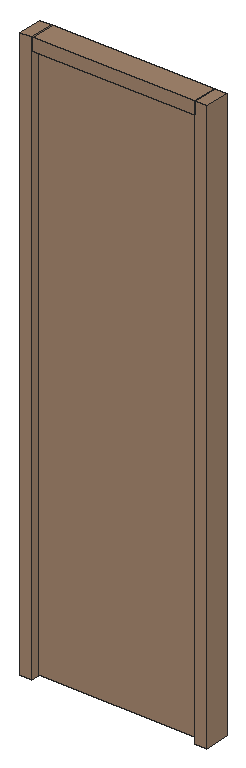
Revit family "LC Door-760x2340 - A11", category Doors, host Wall, Revit 2027
Family settings
  Host = Wall
  Always vertical = Yes
  Cut with Voids When Loaded = No
  Shared = No
  Room Calculation Point = No
Parameters (values of type "A11 nominal size")
  Function = Interior
  Frame Projection Ext. = 25 mm
  Frame Projection Int. = 25 mm
  Frame Width = 75 mm
  Height = 2340 mm  # constant formula
  Wall Closure = By host
  Width = 760 mm  # constant formula
  Description = "A07/A08 position, A11 overall sizes. Frame50x100 and glazing6mm are visual coordination profiles; manufacturer sections/glazing specification pending. Panel divisions follow schedule appearance, undimensioned divisions provisional."
Reference planes
  plane 1: y = 0
  plane 2 "Center (Left/Right)": x = 0
  plane 3 "Left": x = -380
  plane 4 "Right": x = 380
  plane 5: z = 2340
  plane 6 "Exterior": y = 75
  plane 7 "Interior": y = -75
Forms (mm)
  Extrusion 1, solid, material "LC Door timber - selected finish pending"
    sketch origin (0, 0, 0) x (1, 0, 0) y (0, 1, 0)
      loop
        line (-380, -50) -> (-330, -50) -> (-330, 50) -> (-380, 50) -> (-380, -50)
    from 0 to 2340
  Extrusion 2, solid, material "LC Door timber - selected finish pending"
    sketch origin (0, 0, 0) x (1, 0, 0) y (0, 1, 0)
      loop
        line (330, -50) -> (380, -50) -> (380, 50) -> (330, 50) -> (330, -50)
    from 0 to 2340
  Extrusion 3, solid, material "LC Door timber - selected finish pending"
    sketch origin (0, 0, 0) x (1, 0, 0) y (0, 1, 0)
      loop
        line (-330, -50) -> (330, -50) -> (330, 50) -> (-330, 50) -> (-330, -50)
    from 2290 to 2340
  Extrusion 4, solid, material "LC Door timber - selected finish pending"
    sketch origin (0, 0, 0) x (1, 0, 0) y (0, 1, 0)
      loop
        line (-328, -20) -> (328, -20) -> (328, 20) -> (-328, 20) -> (-328, -20)
    from 4 to 2290
Lines and regions (mm)
  Opening 1
    outline origin (-3050, -75, 0) x (1, 0, 0) y (0, 0, 1)
      loop
        line (2670, 0) -> (3430, 0) -> (3430, 2340) -> (2670, 2340) -> (2670, 0)
  symbolic lines, style "Elevation Swing"
    curve 1: line (380, -75, 1170) -> (-380, -75, 2340)
    curve 2: line (380, -75, 1170) -> (-380, -75, 0)
Text (mm)
  text "Exterior" at (-1376.75, 1099.543, 0), in view "Ref. Level"
  text "Exterior" at (0, 1615.38, 3698.081), in view "Left"
  text "Exterior" at (0, 1036.032, 3874.932), in view "Right"
Dimensions and locks
  equal spacing: plane 3 "Left", plane 2 "Center (Left/Right)", plane 4 "Right"
  "Width": plane 3 "Left" to plane 4 "Right"
  "Height": plane 5 to host wall
  equal spacing: host wall, curve 2, plane 5
  host wall to plane 5 = 2340 mm
  locked: plane 6 "Exterior" to host wall
  locked: plane 7 "Interior" to host wall
  aligned and locked: plane 3 "Left" to Opening 1 sketch curve
  aligned and locked: plane 5 to Opening 1 sketch curve  (x2)
  aligned and locked: Opening 1 sketch curve to plane 4 "Right"
  aligned and locked: Opening 1 sketch curve to level
  aligned and locked: plane 5 to curve 1
  aligned and locked: plane 3 "Left" to curve 2
  aligned and locked: plane 1 to host wall
  aligned and locked: plane 3 "Left" to curve 1
Automatic sketch dimensions
  plane 4 "Right" to curve 2 = 0 mm
  curve 2 to level = 0 mm
  Extrusion 1 sketch curve to plane 3 "Left" = 0 mm
  Extrusion 1 sketch curve to host wall = 25 mm  (x2)
  Extrusion 1 sketch curve to Extrusion 1 sketch curve = 50 mm
  Extrusion 2 sketch curve to plane 4 "Right" = 0 mm
  Extrusion 2 sketch curve to host wall = 25 mm  (x2)
  plane 4 "Right" to Extrusion 2 sketch curve = 50 mm
  Extrusion 3 sketch curve to host wall = 25 mm  (x2)
  Extrusion 3 sketch curve to plane 3 "Left" = 50 mm
  plane 4 "Right" to Extrusion 3 sketch curve = 50 mm
  host wall to Extrusion 4 sketch curve = 20 mm
  Extrusion 4 sketch curve to plane 3 "Left" = 52 mm
  Extrusion 4 sketch curve to host wall = 20 mm
  plane 4 "Right" to Extrusion 4 sketch curve = 52 mm
